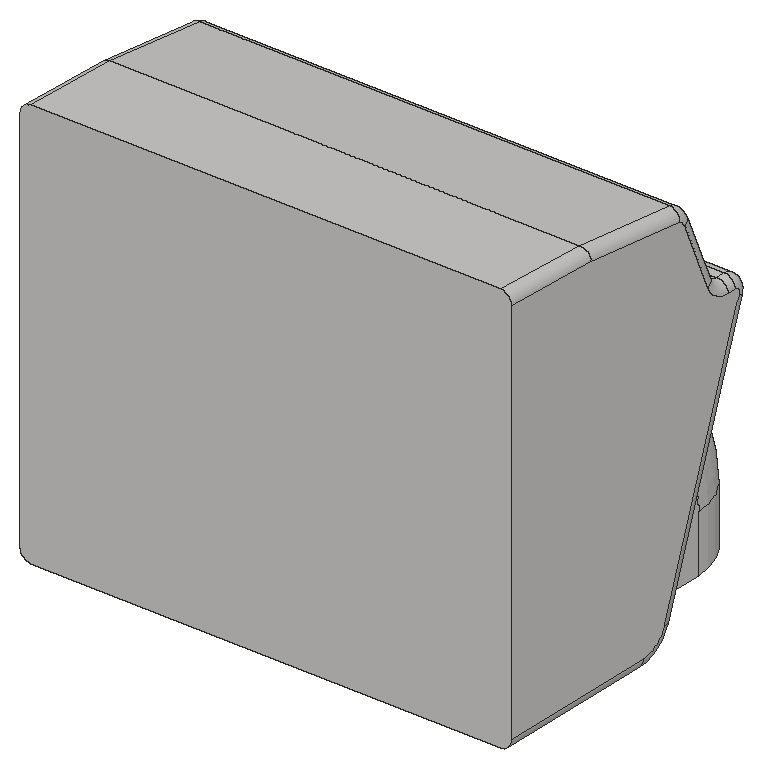
Revit family
Parameters (values of type "As Specified")
  Warranty Duration (Years) = 5
  Voltage_MEP = 120 V
  Unit Width = 0' - 0"
  Unit Height = 0' - 0"
  Unit Depth = 0' - 0"
  URL = "http://www.worlddryer.com/"
  Specification = "http://www.arcat.com/sdspecs/htm/10811wdr.htm"
  Send Message = "http://www.arcat.com/users.pl?action=UserEmail&company=World%20Dryer%20Corp.&coid=36616&rep=111&fax=708-449-6958&mf="
  Sales Information = "http://www.worlddryer.com/find-a-distributor"
  Reqd Wire Gauge = 14
  Manufacturer Phone - Toll Free = "800-323-0701 "
  MEP Apparent Power [instance] = Voltage_MEP * MEP Amperage  # 1500 VA
  MEP Amperage = 12.5 A
  Insrtloc = 0' - 0 1/8"
  Product Properties = "http://www.arcat.com/bim/bim_info.pl?fn=WorldDryer"
  Product Data = "http://www.arcat.com/arcatcos/cos36/arc36616.html"
  Opening Offset = 0' - 10"
  Mounting Height [instance] = 3' - 1"
  Motor = "Motor shall be universal type, 1/10 HP at 7500 RPM"
  Model = "As Specified in 10 28 00"
  Manufacturer Website = "http://www.worlddryer.com/"
  Manufacturer Phone = "708-449-6950 "
  Manufacturer Fax = "708-449-6958"
  Manufacturer Address = "5700 McDermott Dr., Berkeley, IL 60163-1102"
  Manufacturer = "World Dryer Corp."
  Maintenance Schedule (Months) = 0
  Keynote = "10 28 00"
  Installation-Fabrication = "http://www.worlddryer.com/all-hand-dryers"
  Installation Phase = "Interior Fittings"
  Heating Element = "Incorporates a 2100 (optional 1500) watt Nichrome wire heating element Protected by an automatic-resetting, thermal cutoff"
  Hardware Finish = Polished Stainless Steel
  Green Building-LEED = "http://www.arcat.com/green/clients/leed_data_36616.html"
  Frequency = 60 Hz
  Expected Lifespan (Years) = 0
  Drawn By = "Robert S. Weygant, CSI, CDT, SCIP"
  Description = "Hand Dryer as Specified in 10 28 00"
  Cover Material = No. 4 Brushed Finish
  Copyright = "2010, ARCAT, Inc."
  Construction Details = "http://www.arcat.com/details/worlddry/worlddry.html?coid=36616"
  Assembly Code = "C1030210"
  Air Temperature = "70°F"
  Air Output = "Dryers shall deliver 154 cubic feet per minute of air volume (7300 LFM)"
  Actuation = "Manual"
  ADA Compliant [instance] = no
Reference planes (in)
  plane 1: y = 0
  plane 2 "Center (Left/Right)": x = 0.046804
  plane 3 "Wall Edge": y = 4
  plane 4: y = 14
  plane 5: z = 37
  plane 6 "Connection Plane": y = 3.875
  plane 7: z = 27
Forms (in)
  Extrusion 1, solid, material "Stainless Steel - 22 ga 18-8 Type 304", visible <- "ADA Compliant"
    sketch origin (0, 3.875, 0) x (-1, 0, 0) y (0, 0, 1)
      loop
        line (-0.921804, 40.875) -> (-0.921804, 37.125) -> (0.828196, 37.125) -> (0.828196, 40.875) -> (-0.921804, 40.875)
    from 0.2610408 to 0.1310613
Text (in)
  text "Interior" at (0, 40.1514891, 123.0158834), in view "A 203 - Side Elevation"
  text "Interior" at (-70.3804009, 41.2888511, 0), in view "A-101 Plan View"
  text "Interior" at (0, 81.6255543, 140.5994741), in view "Left"
  text "Exterior" at (-70.3804009, -27.0421791, 0), in view "A-101 Plan View"
  text "Exterior" at (0, -34.7508597, 140.5994741), in view "Left"
  text "Exterior" at (0, -52.2472472, 123.0158834), in view "A 203 - Side Elevation"
Dimensions and locks (in)
  host wall to plane 3 "Wall Edge" = 0' - 0"
  "Mounting Height": plane 5 to level
  "Insrtloc": plane 6 "Connection Plane" to plane 3 "Wall Edge"
  "Opening Offset": plane 7 to plane 5
  locked: Extrusion 1 to Extrusion 1 at 0.1299796
  aligned and locked: plane 3 "Wall Edge" to host wall
  aligned and locked: nested 1 to plane 2 "Center (Left/Right)"
  aligned and locked: nested 1 to plane 3 "Wall Edge"
  aligned and locked: nested 1 to plane 5
Automatic sketch dimensions
  Extrusion 1 sketch curve to plane 5 = 0' - 0 1/8"
  plane 2 "Center (Left/Right)" to Extrusion 1 sketch curve = 0' - 0 7/8"
  Extrusion 1 sketch curve to plane 2 "Center (Left/Right)" = 0' - 0 7/8"
  Extrusion 1 sketch curve to Extrusion 1 sketch curve = 0' - 3 3/4"
Nested families (in)
  nested 1: "World Dryer_Component_Surface Mounted" at (0.046804, 4, 37) x (-1, 0, 0) z (0, 0, 1), type "World Dryer_Component_Surface Mounted"
Connectors (in)
  electrical at (0.046804, 4.0060613, 39), driven by "Voltage_MEP", driven by "MEP Apparent Power"
    settings: on Extrusion 1, index 1
Definition of nested family "World Dryer_Component_Surface Mounted"
  Parameters (values of type "World Dryer_Component_Surface Mounted")
    Hardware Finish = Polished Stainless Steel
    Cover Material = No. 4 Brushed Finish
    Assembly Code = ""
  Reference planes (in)
    plane 1 "Center (Front/Back)": y = 0
    plane 2: z = 0
    plane 3 "Center (Left/Right)": x = 0
    plane 4: z = 9.5
    plane 5: y = -8.33
    plane 6: x = 5.6875
    plane 7: x = -5.6875
    plane 8: z = 0
  Forms (in)
    Extrusion 1, solid, material "No. 4 Brushed Finish" <- "Cover Material"
      sketch origin (0, 0, 0) x (0, 1, 0) y (0, 0, 1)
        loop
          line (0, 9.5) -> (-2.2854202, 9.4060263)
          arc (-2.2854202, 9.4060263) -> (-3.5847828, 9.3001474) -> (-4.8714403, 9.0902286) r 16.2151335
          arc (-4.8714403, 9.0902286) -> (-5.0874365, 8.9876449) -> (-5.2310961, 8.7964914) r 0.5
          line (-5.2310961, 8.7964914) -> (-5.8998823, 7.2279229)
          arc (-5.8998823, 7.2279229) -> (-6.0381106, 7.0621271) -> (-6.2448364, 7) r 0.375
          line (-6.2448364, 7) -> (-6.4543103, 7)
          arc (-6.4543103, 7) -> (-6.7616784, 6.8398252) -> (-6.8064724, 6.4961326) r 0.375
          line (-6.8064724, 6.4961326) -> (-4.65236, 0.6094875)
          arc (-4.65236, 0.6094875) -> (-4.3122783, 0.167474) -> (-3.7803159, 0) r 0.9285965
          line (-3.7803159, 0) -> (0, 0) -> (0, 9.5)
      from -5.6875 to 5.6875
    Sweep 2, solid, material "Polished Stainless Steel" <- "Hardware Finish"
      path origin (0, 0, 0) x (0, 1, 0) y (0, 0, 1)
        loop
          line (-6.4317468, 0.3909981) -> (-6.4317468, 1.7083247)
          arc (-6.4317468, 1.7083247) -> (-6.15559, 2.5530289) -> (-5.4337834, 3.0714718) r 1.4299628
      profile origin (0, -6.4317468, 1.0496614) x (0, -1, 0) y (1, 0, 0)
        loop
          line (0, -4.6875) -> (0.2112717, -4.6875)
          arc (0.2112717, -4.6875) -> (1.8987717, -3) -> (0.2112717, -1.3125) r 1.6875
          line (0.2112717, -1.3125) -> (0, -1.3125) -> (0, -4.6875)
    Extrusion 3, solid, material "Polished Stainless Steel" <- "Hardware Finish"
      sketch origin (-4.6875, -6.6430185, 0.3909981) x (0, 0, 1) y (0, 1, 0)
        loop
          line (0, 0.2112717) -> (1.3173265, 0.2112717)
          arc (1.3173265, 0.2112717) -> (2.1161065, 0.455172) -> (2.6424001, 1.1036717) r 1.4299628
          line (2.6424001, 1.1036717) -> (0, 2.0706108) -> (0, 0.2112717)
      from -3.375 to 0
    Sweep 4, void
      path origin (0, 0, 0) x (0, 1, 0) y (0, 0, 1)
        loop
          line (0.2790648, 0) -> (-3.7803159, 0)
          arc (-3.7803159, 0) -> (-4.3122783, 0.167474) -> (-4.65236, 0.6094875) r 0.9285965
          line (-4.65236, 0.6094875) -> (-6.8064724, 6.4961326)
          arc (-6.8064724, 6.4961326) -> (-6.7616784, 6.8398252) -> (-6.4543103, 7) r 0.375
          line (-6.4543103, 7) -> (-6.2448364, 7)
          arc (-6.2448364, 7) -> (-6.0381106, 7.0621271) -> (-5.8998823, 7.2279229) r 0.375
          line (-5.8998823, 7.2279229) -> (-5.2310961, 8.7964914)
          arc (-5.2310961, 8.7964914) -> (-5.0874365, 8.9876449) -> (-4.8714403, 9.0902286) r 0.5
          arc (-4.8714403, 9.0902286) -> (-3.5847828, 9.3001474) -> (-2.2854202, 9.4060263) r 16.2151335
          line (-2.2854202, 9.4060263) -> (0.2790648, 9.5114748)
      profile origin (0, 0.2790648, 0) x (0, 0, -1) y (1, 0, 0)
        loop
          arc (0, -5.4375) -> (-0.0732233, -5.6142767) -> (-0.25, -5.6875) r 0.25
          line (-0.25, -5.6875) -> (0, -5.6875) -> (0, -5.4375)
    Sweep 5, void
      path origin (0, 0, 0) x (0, 1, 0) y (0, 0, -1)
        loop
          line (0.2790648, 0) -> (-3.7803159, 0)
          arc (-3.7803159, 0) -> (-4.3122783, -0.167474) -> (-4.65236, -0.6094875) r 0.9285965
          line (-4.65236, -0.6094875) -> (-6.8064724, -6.4961326)
          arc (-6.8064724, -6.4961326) -> (-6.7616784, -6.8398252) -> (-6.4543103, -7) r 0.375
          line (-6.4543103, -7) -> (-6.2448364, -7)
          arc (-6.2448364, -7) -> (-6.0381106, -7.0621271) -> (-5.8998823, -7.2279229) r 0.375
          line (-5.8998823, -7.2279229) -> (-5.2310961, -8.7964914)
          arc (-5.2310961, -8.7964914) -> (-5.0874365, -8.9876449) -> (-4.8714403, -9.0902286) r 0.5
          arc (-4.8714403, -9.0902286) -> (-3.5847828, -9.3001474) -> (-2.2854202, -9.4060263) r 16.2151335
          line (-2.2854202, -9.4060263) -> (0.2790648, -9.5114748)
      profile origin (0, 0.2790648, 0) x (0, 0, 1) y (-1, 0, 0)
        loop
          line (0, -5.4375) -> (0, -5.6875) -> (0.25, -5.6875)
          arc (0.25, -5.6875) -> (0.0732233, -5.6142767) -> (0, -5.4375) r 0.25
    Revolve 6, solid, material "Polished Stainless Steel" <- "Hardware Finish"
      sketch origin (0, -11.8010214, 1.3988554) x (0, 0.939099, 0.343647) y (1, 0, 0)
        loop
          line (6.184303, 2.9891332) -> (6.184303, 4.3641332) -> (6.0297967, 4.3641332)
          arc (6.0297967, 4.3641332) -> (6.0021477, 4.3543887) -> (5.9867179, 4.3294619) r 0.0440981
          arc (5.9867179, 4.3294619) -> (5.9363231, 4.0911184) -> (5.889301, 3.8520866) r 17.2410899
          arc (5.889301, 3.8520866) -> (5.8546845, 3.7934206) -> (5.7906015, 3.7703254) r 0.100454
          line (5.7906015, 3.7703254) -> (5.0358655, 3.7703254)
          arc (5.0358655, 3.7703254) -> (4.96405, 3.7405784) -> (4.934303, 3.6687629) r 0.1015625
          line (4.934303, 3.6687629) -> (4.934303, 2.9891332) -> (6.184303, 2.9891332)
        axis (4.934303, 2.9891332) -> (6.184303, 2.9891332)
      angle from 0 to 360
    Extrusion 7, solid, material "No. 4 Brushed Finish" <- "Cover Material"
      sketch origin (0, -8.0958924, 6.3153038) x (0, -0.389137, -0.92118) y (1, 0, 0)
        loop
          line (-3.2911409, -4.5625) -> (-1.6593988, -4.5625) -> (-1.6593988, 4.5625) -> (-3.2911409, 4.5625) -> (-3.2911409, -4.5625)
      from -1.6838895 to -1.6283218
  Cuts and joins
    Sweep 4, Sweep 5 cuts Extrusion 1
    joined: Sweep 2, Extrusion 3
  Dimensions and locks (in)
    plane 4 to plane 2 = 0' - 9 1/2"
    plane 1 "Center (Front/Back)" to plane 5 = 0' - 8.33"
    plane 6 to plane 7 = 0' - 11 3/8"
    Sweep 2 sketch curve to Sweep 2 sketch curve to profile plane = 0' - 3 3/8", 0' - 1 5/16"
    equal spacing: Extrusion 7 sketch curve, plane 3 "Center (Left/Right)", Extrusion 7 sketch curve
    aligned and locked: plane 1 "Center (Front/Back)" to Extrusion 1 sketch curve  (x2)
    aligned and locked: plane 2 to Extrusion 1 sketch curve  (x2)
    aligned and locked: Extrusion 1 to plane 7
    aligned and locked: Extrusion 1 to plane 6
    aligned and locked: Sweep 4 sketch curve to plane 7
    aligned and locked: level to Sweep 4 sketch curve
    aligned and locked: plane 3 "Center (Left/Right)" to text3d elem
